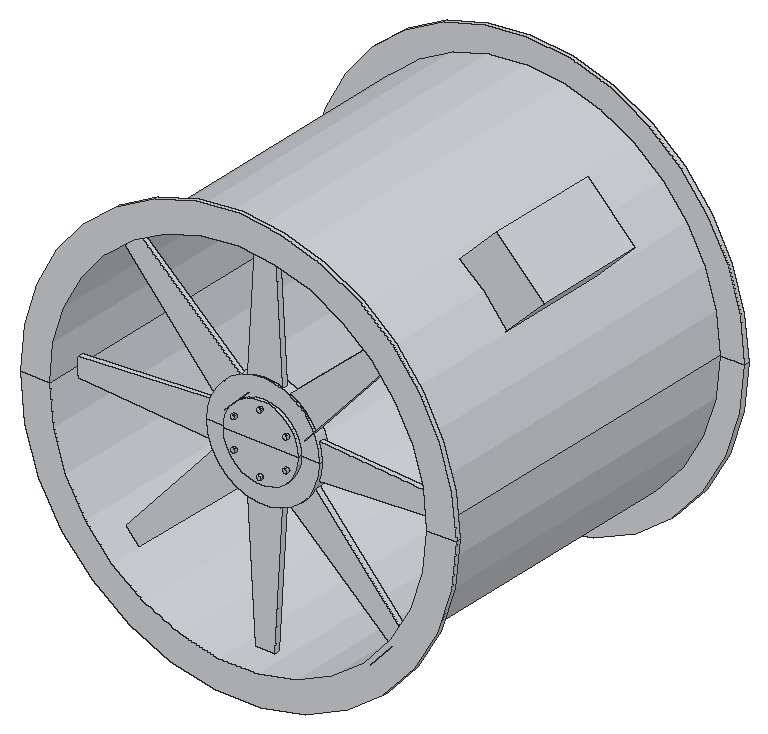
Revit family "CADS_Vent-Axia_MechEquip_Fan_LCA_450_3Ph4P - EXTRACT", category Mechanical Equipment, Revit 2020
Family settings
  Round Connector Dimension = Use Diameter
  Part Type = Normal
  OmniClass Number = 23.75.00.00
  OmniClass Title = Climate Control (HVAC)
  Work Plane-Based = No
  Always vertical = Yes
  Cut with Voids When Loaded = No
  Shared = No
  Room Calculation Point = No
Parameters (values of type "LCA453410")
  nr = NominalDiameter / 2  # 225 mm
  WorkingPressure = 0.0 Pa
  WarrantyStartDate [instance] = "1900-12-31T23:59:59"
  WarrantyPeriod = ""
  WarrantyIdentifier = "N/A"
  WarrantyGuarantorParts = "tech@vent-axia.com"
  WarrantyGuarantorLabor = "tech@vent-axia.com"
  WarrantyGuarantor = "Vent-Axia Limited"
  WarrantyEndDate [instance] = "1900-12-31T23:59:59"
  WarrantyContent = ""
  TemperatureRange = ""
  TagNumber [instance] = "N/A"
  SustainabilityPerformance = ""
  Status = "New"
  Size = ""
  Shape = ""
  ServiceLifeType = ""
  ServiceLifeDuration = ""
  SerialNumber [instance] = "N/A"
  ReplacementCost = ""
  RatedVoltage = 0 V
  RatedCurrent = 0 A
  Quantity = 1
  ProductionYear = ""
  PressureCurve = ""
  PowerFactor = ""
  PointOfContact = ""
  NumberOfPoles = 0
  NominalWidth = 450 mm
  NominalLength = 435 mm
  NominalHeight = 450 mm
  NominalFrequencyRange = ""
  NominalDiameter = 450 mm
  ModelReference = "LCAX 450mm 3PH 4P 10DEG"
  ModelNumber = "LCA453410"
  Material = ""
  ManufacturerE-Mail = "tech@vent-axia.com"
  ManufacturerAddress = "Fleming Way\nCrawley \nRH10 9YX"
  IsExtendedWarranty = no
  InsulationStandardClass = ""
  InstallationDate [instance] = "1900-12-31T23:59:59"
  IfcExportType [instance] = ""
  IfcExportAs = "IfcFanType"
  IP_Code = ""
  HasProtectiveEarth = no
  GrossWeight = 0.00 kg
  Grade = ""
  GlobalTradeItemNumber [instance] = "N/A"
  Fitting Type = "Ignore"
  Finish = ""
  Features = ""
  ExteriorInsulation = no
  ExpectedServiceLife = 0
  Exclusions = ""
  DurationUnit = "Year"
  Default Elevation = 0 mm
  Constituents = ""
  ConductorFunction = ""
  Color = ""
  CodePerformance = ""
  Category = ""
  CADS_Usage = 0
  CADS_Index = 0
  AssetType = "FIXED"
  AssetIdentifier [instance] = "N/A"
  AssemblyPlace = "UNKNOWN"
  ArticleNumber [instance] = "N/A"
  AirflowRateRange = 0.0 L/s
  Air Flow [instance] = 0.0 L/s
  AccessibilityPerformance = ""
Types (16, lengths in mm): name | ModelReference | ModelNumber
  LCA453410 | "LCAX 450mm 3PH 4P 10DEG" | "LCA453410"
  LCA453412 | "LCAX 450mm 3PH 4P 12DEG" | "LCA453412"
  LCA453414 | "LCAX 450mm 3PH 4P 14DEG" | "LCA453414"
  LCA453416 | "LCAX 450mm 3PH 4P 16DEG" | "LCA453416"
  LCA453418 | "LCAX 450mm 3PH 4P 18DEG" | "LCA453418"
  LCA453420 | "LCAX 450mm 3PH 4P 20DEG" | "LCA453420"
  LCA453422 | "LCAX 450mm 3PH 4P 22DEG" | "LCA453422"
  LCA453424 | "LCAX 450mm 3PH 4P 24DEG" | "LCA453424"
  LCA453426 | "LCAX 450mm 3PH 4P 26DEG" | "LCA453426"
  LCA453428 | "LCAX 450mm 3PH 4P 28DEG" | "LCA453428"
  LCA453430 | "LCAX 450mm 3PH 4P 30DEG" | "LCA453430"
  LCA453432 | "LCAX 450mm 3PH 4P 32DEG" | "LCA453432"
  LCA453434 | "LCAX 450mm 3PH 4P 34DEG" | "LCA453434"
  LCA453436 | "LCAX 450mm 3PH 4P 36DEG" | "LCA453436"
  LCA453438 | "LCAX 450mm 3PH 4P 38DEG" | "LCA453438"
  LCA453440 | "LCAX 450mm 3PH 4P 40DEG" | "LCA453440"
Reference planes
  plane 1 "Center (Front/Back)": y = 0
  plane 2: z = 0
  plane 3 "Center (Left/Right)": x = 0
  plane 4: x = -225
  plane 5: x = 225
  plane 6 "F": y = -217.5
  plane 7 "B": y = 217.5
  plane 8: x = -260
  plane 9: y = 212.5
  plane 10: y = -212.5
  plane 11: x = -230
  plane 12: y = -177.5
  plane 13 "top": z = 225
  plane 14: z = -225
  plane 15 "45deg": through (0, -1524, 0) normal (-0.7071, 0, -0.7071)
  plane 16 "C": through (0, -1524, 0) normal (-0.7071, 0, 0.7071)
Forms (mm)
  Revolve 1, solid
    sketch origin (0, 0, 0) x (1, 0, 0) y (0, 1, 0)
      loop
        line (-260, -217.5) -> (-225, -217.5) -> (-225, 217.5) -> (-260, 217.5) -> (-260, 212.5) -> (-230, 212.5) -> (-230, -212.5) -> (-260, -212.5) -> (-260, -217.5)
      axis (0, 217.5) -> (0, -217.5)
    angle from 0 to 360
  Sweep 2, solid
    path origin (0, 0, 0) x (1, 0, 0) y (0, 0, 1)
      loop
        line (159.099, 159.099) -> (205.061, 205.061)
    profile origin (182.08, 0, 182.08) x (-0.707107, 0, 0.707107) y (0, -1, 0)
      loop
        line (37.5, 55) -> (-42.73, 55) -> (-42.73, -79.5) -> (37.5, -79.5) -> (37.5, 55)
Dimensions and locks
  equal spacing: plane 4, plane 3 "Center (Left/Right)", plane 5
  equal spacing: plane 7 "B", plane 1 "Center (Front/Back)", plane 6 "F"
  "NominalLength": plane 7 "B" to plane 6 "F"
  "NominalDiameter": plane 4 to plane 5
  locked: plane 11 to plane 4 at 5
  locked: plane 8 to plane 11 at 30
  locked: plane 6 "F" to plane 10 at 5
  locked: plane 7 "B" to plane 9 at 5
  locked: plane 6 "F" to plane 12 at 40
  equal spacing: plane 13 "top", level, plane 14
  "NominalDiameter": plane 13 "top" to plane 14
  "nr": Sweep 2 sketch curve to nested 13
  Sweep 2 sketch curve to Sweep 2 sketch curve = 65 mm
  aligned and locked: level to plane 2
  aligned and locked: nested 1 to plane 12
Automatic sketch dimensions
  plane 6 "F" to Revolve 1 sketch curve = 0 mm
  Revolve 1 sketch curve to plane 8 = 0 mm  (x2)
  plane 10 to Revolve 1 sketch curve = 0 mm
  Revolve 1 sketch curve to plane 11 = 0 mm
  Revolve 1 sketch curve to plane 4 = 0 mm
  Revolve 1 sketch curve to plane 3 "Center (Left/Right)" = 0 mm
  plane 1 "Center (Front/Back)" to Revolve 1 sketch curve = 0 mm
  Revolve 1 sketch curve to plane 9 = 0 mm
  Revolve 1 sketch curve to plane 7 "B" = 0 mm
  plane 6 "F" to Revolve 1 sketch curve = 115 mm
  plane 1 "Center (Front/Back)" to Sweep 2 sketch curve = 55 mm
  Sweep 2 sketch curve to profile plane = 37.5 mm
  Sweep 2 sketch curve to Sweep 2 sketch curve = 80.23 mm
  Sweep 2 sketch curve to Sweep 2 sketch curve = 134.5 mm
  Sweep 2 sketch curve to plane 16 "C" = 0 mm  (x2)
Nested families
  nested 1: "Fan for ESC" at (0, -177.5, 0), ND <- "NominalDiameter", type "Fan for ESC"
    with hub 45 mm, ND 450 mm, BoltPCD 36 mm, Bolt Count 6, B_Diam 5 mm
  nested 2: "Bolts" at (31.177, -186.672, -18) x (-0.5, 0, -0.866) z (0, 1, 0), type "Bolts"
    with bd 5 mm
  nested 3: "Bolts" at (0, -186.672, -36) x (-1, 0, 0) z (0, 1, 0), type "Bolts"
    with bd 5 mm
  nested 4: "Bolts" at (-31.177, -186.672, -18) x (-0.5, 0, 0.866) z (0, 1, 0), type "Bolts"
    with bd 5 mm
  nested 5: "Bolts" at (-31.177, -186.672, 18) x (0.5, 0, 0.866) z (0, 1, 0), type "Bolts"
    with bd 5 mm
  nested 6: "Bolts" at (31.177, -186.672, 18) x (0.5, 0, -0.866) z (0, 1, 0), type "Bolts"
    with bd 5 mm
  nested 7: "Bolts" at (0, -186.672, 36) x (1, 0, 0) z (0, 1, 0), type "Bolts"
    with bd 5 mm
  nested 8: "ESC Blade" at (0, -177.5, 0), type "ESC Blade"
    with a 20.00°, HR 45 mm, HD 90 mm, BT 22.5 mm, BR 180 mm, BH 40 mm, BD 450 mm, BB 45 mm
  nested 9: "ESC Blade" at (0, -177.5, 0) x (0.7071, 0, -0.7071) z (0.7071, 0, 0.7071), type "ESC Blade"
    with a 20.00°, HR 45 mm, HD 90 mm, BT 22.5 mm, BR 180 mm, BH 40 mm, BD 450 mm, BB 45 mm
  nested 10: "ESC Blade" at (0, -177.5, 0) x (0, 0, -1) z (1, 0, 0), type "ESC Blade"
    with a 20.00°, HR 45 mm, HD 90 mm, BT 22.5 mm, BR 180 mm, BH 40 mm, BD 450 mm, BB 45 mm
  nested 11: "ESC Blade" at (0, -177.5, 0) x (-0.7071, 0, -0.7071) z (0.7071, 0, -0.7071), type "ESC Blade"
    with a 20.00°, HR 45 mm, HD 90 mm, BT 22.5 mm, BR 180 mm, BH 40 mm, BD 450 mm, BB 45 mm
  nested 12: "ESC Blade" at (0, -177.5, 0) x (-1, 0, 0) z (0, 0, -1), type "ESC Blade"
    with a 20.00°, HR 45 mm, HD 90 mm, BT 22.5 mm, BR 180 mm, BH 40 mm, BD 450 mm, BB 45 mm
  nested 13: "ESC Blade" at (0, -177.5, 0) x (-0.7071, 0, -0.7071) z (-0.7071, 0, 0.7071), type "ESC Blade"
    with a 20.00°, HR 45 mm, HD 90 mm, BT 22.5 mm, BR 180 mm, BH 40 mm, BD 450 mm, BB 45 mm
  nested 14: "ESC Blade" at (0, -177.5, 0) x (0, 0, -1) z (-1, 0, 0), type "ESC Blade"
    with a 20.00°, HR 45 mm, HD 90 mm, BT 22.5 mm, BR 180 mm, BH 40 mm, BD 450 mm, BB 45 mm
  nested 15: "ESC Blade" at (0, -177.5, 0) x (0.7071, 0, -0.7071) z (-0.7071, 0, -0.7071), type "ESC Blade"
    with a 20.00°, HR 45 mm, HD 90 mm, BT 22.5 mm, BR 180 mm, BH 40 mm, BD 450 mm, BB 45 mm
Connectors
  hvac at (0, -217.5, 0), driven by "NominalDiameter", driven by "Air Flow"
    settings: on Revolve 1, index 1, duct flow 0.0 L/s, flow factor 0, pres drop 0.0 Pa, loss coef 0, conn angle 0.00°, conn width 304.8 mm, conn height 304.8 mm, conn diameter 450 mm, duct sys type 2, conn prof type 0, flow config 0, flow direction 1, loss method 0, conn ref index -1, conn util no, is conn primary yes, conn desc ""
  hvac at (0, 217.5, 0), driven by "NominalDiameter", driven by "Air Flow"
    settings: on Revolve 1, index 2, duct flow 0.0 L/s, flow factor 0, pres drop 0.0 Pa, loss coef 0, conn angle 0.00°, conn width 304.8 mm, conn height 304.8 mm, conn diameter 450 mm, duct sys type 3, conn prof type 0, flow config 1, flow direction 2, loss method 0, conn ref index -1, conn util no, is conn primary no, conn desc ""
Definition of nested family "Fan for ESC"
  Parameters (values of type "Fan for ESC")
    hub [instance] = ND / 10  # 56.7 mm
    ND [instance] = 567 mm
    Model = "."
    Default Elevation = 0 mm
    BoltPCD [instance] = hub - (hub * 0.2)  # 45.36 mm
    Bolt Count [instance] = if(hub < 50 mm, 6, 8)  # 8
    B_Diam [instance] = if(hub < 50 mm, 5 mm, 10 mm)  # 10 mm
  Reference planes
    plane 1 "Center (Front/Back)": y = 0
    plane 2: z = 0
    plane 3 "Center (Left/Right)": x = 0
    plane 4 "back": y = 20
    plane 5 "bolts": y = -9.172
    plane 6 "B": z = 56.7
    plane 7: x = -79.287
    plane 8: x = -56.7
    plane 9 "hubface": y = -6.172
  Forms (mm)
    Revolve 1, solid
      sketch origin (0, 0, 0) x (1, 0, 0) y (0, 1, 0)
        loop
          line (0, 20) -> (-56.7, 20) -> (-56.7, 10.504) -> (-79.287, 10.504) -> (-79.287, -2.597) -> (-56.7, -2.597) -> (-56.7, -6.172) -> (0, -6.172) -> (0, 20)
        axis (0, 20) -> (0, -6.172)
      angle from 0 to 360
    Extrusion 2, solid, not visible
      sketch origin (0, -6.347, -4) x (-1, 0, 0) y (0, 0, 1)
        loop
          circle (0, 84) r 5
      from 0 to 3
  Lines and regions (mm)
    symbolic lines
      curve 1: circle (0, -9.172, 0) r 45.36 normal (0, 1, 0)
    model lines, not visible
      curve 2: line (0, -6.347, 85) -> (0, -6.347, 75)
  Dimensions and locks
    "hub": plane 6 "B" to plane 2
    "hub": nested 3 to plane 3 "Center (Left/Right)"
    "hub": nested 4 to plane 3 "Center (Left/Right)"
    "hub": nested 5 to plane 3 "Center (Left/Right)"
    "hub": plane 3 "Center (Left/Right)" to nested 6
    "hub": Revolve 1 sketch curve to Revolve 1 sketch curve
    "hub": plane 3 "Center (Left/Right)" to nested 7
    "hub": plane 3 "Center (Left/Right)" to nested 8
    "hub": plane 3 "Center (Left/Right)" to nested 9
    "hub": plane 8 to plane 3 "Center (Left/Right)"
    plane 7 to plane 8 = 22.587 mm
    diameter of Extrusion 2 sketch curve = 10 mm
    "BoltPCD": radius of curve 1
    "BoltPCD": radius of radial array
    aligned and locked: level to plane 2
    aligned and locked: plane 6 "B" to nested 1
  Automatic sketch dimensions
    Revolve 1 sketch curve to plane 7 = 0 mm
    Revolve 1 sketch curve to plane 8 = 0 mm  (x2)
    Revolve 1 sketch curve to plane 3 "Center (Left/Right)" = 0 mm
    Revolve 1 sketch curve to plane 9 "hubface" = 0 mm
    plane 4 "back" to Revolve 1 sketch curve = 0 mm
    plane 1 "Center (Front/Back)" to Revolve 1 sketch curve = 2.597 mm
    plane 4 "back" to Revolve 1 sketch curve = 9.496 mm
    Revolve 1 sketch curve to Revolve 1 sketch curve = 5 mm
    Revolve 1 sketch curve to plane 4 "back" = 45 mm
    curve 1 to level = 0 mm
    curve 1 to plane 3 "Center (Left/Right)" = 0 mm
  Nested families
    nested 1: "ESC Blade" at (0, 0, 0), BD <- "ND", HD <- "hub", type "ESC Blade"
      with a 20.00°, HR 56.7 mm, HD 113.4 mm, BT 28.35 mm, BR 226.8 mm, BH 40 mm, BD 567 mm, BB 56.7 mm
    nested 2: "ESC Blade" at (0, 0, 755), BD <- "ND", HD <- "hub", type "ESC Blade", not visible
      with a 20.00°, HR 56.7 mm, HD 113.4 mm, BT 28.35 mm, BR 226.8 mm, BH 40 mm, BD 567 mm, BB 56.7 mm
    nested 3: "ESC Blade" at (0, 0, 0) x (0.7071, 0, -0.7071) z (0.7071, 0, 0.7071), BD <- "ND", HD <- "hub", type "ESC Blade"
      with a 20.00°, HR 56.7 mm, HD 113.4 mm, BT 28.35 mm, BR 226.8 mm, BH 40 mm, BD 567 mm, BB 56.7 mm
    nested 4: "ESC Blade" at (0, 0, 0) x (0, 0, -1) z (1, 0, 0), BD <- "ND", HD <- "hub", type "ESC Blade"
      with a 20.00°, HR 56.7 mm, HD 113.4 mm, BT 28.35 mm, BR 226.8 mm, BH 40 mm, BD 567 mm, BB 56.7 mm
    nested 5: "ESC Blade" at (0, 0, 0) x (-0.7071, 0, -0.7071) z (0.7071, 0, -0.7071), BD <- "ND", HD <- "hub", type "ESC Blade"
      with a 20.00°, HR 56.7 mm, HD 113.4 mm, BT 28.35 mm, BR 226.8 mm, BH 40 mm, BD 567 mm, BB 56.7 mm
    nested 6: "ESC Blade" at (0, 0, 0) x (-1, 0, 0) z (0, 0, -1), BD <- "ND", HD <- "hub", type "ESC Blade"
      with a 20.00°, HR 56.7 mm, HD 113.4 mm, BT 28.35 mm, BR 226.8 mm, BH 40 mm, BD 567 mm, BB 56.7 mm
    nested 7: "ESC Blade" at (0, 0, 0) x (-0.7071, 0, -0.7071) z (-0.7071, 0, 0.7071), BD <- "ND", HD <- "hub", type "ESC Blade"
      with a 20.00°, HR 56.7 mm, HD 113.4 mm, BT 28.35 mm, BR 226.8 mm, BH 40 mm, BD 567 mm, BB 56.7 mm
    nested 8: "ESC Blade" at (0, 0, 0) x (0, 0, -1) z (-1, 0, 0), BD <- "ND", HD <- "hub", type "ESC Blade"
      with a 20.00°, HR 56.7 mm, HD 113.4 mm, BT 28.35 mm, BR 226.8 mm, BH 40 mm, BD 567 mm, BB 56.7 mm
    nested 9: "ESC Blade" at (0, 0, 0) x (0.7071, 0, -0.7071) z (-0.7071, 0, -0.7071), BD <- "ND", HD <- "hub", type "ESC Blade"
      with a 20.00°, HR 56.7 mm, HD 113.4 mm, BT 28.35 mm, BR 226.8 mm, BH 40 mm, BD 567 mm, BB 56.7 mm
    nested 10: "Bolts" at (0, -9.172, 45.36) x (1, 0, 0) z (0, 1, 0), bd <- "B_Diam", type "Bolts"
      with bd 10 mm
    nested 11: "Bolts" at (32.074, -9.172, 32.074) x (0.7071, 0, -0.7071) z (0, 1, 0), bd <- "B_Diam", type "Bolts"
      with bd 10 mm
    nested 12: "Bolts" at (-32.074, -9.172, 32.074) x (0.7071, 0, 0.7071) z (0, 1, 0), bd <- "B_Diam", type "Bolts"
      with bd 10 mm
    nested 13: "Bolts" at (-45.36, -9.172, 0) x (0, 0, 1) z (0, 1, 0), bd <- "B_Diam", type "Bolts"
      with bd 10 mm
    nested 14: "Bolts" at (-32.074, -9.172, -32.074) x (-0.7071, 0, 0.7071) z (0, 1, 0), bd <- "B_Diam", type "Bolts"
      with bd 10 mm
    nested 15: "Bolts" at (0, -9.172, -45.36) x (-1, 0, 0) z (0, 1, 0), bd <- "B_Diam", type "Bolts"
      with bd 10 mm
    nested 16: "Bolts" at (32.074, -9.172, -32.074) x (-0.7071, 0, -0.7071) z (0, 1, 0), bd <- "B_Diam", type "Bolts"
      with bd 10 mm
    nested 17: "Bolts" at (45.36, -9.172, 0) x (0, 0, -1) z (0, 1, 0), bd <- "B_Diam", type "Bolts"
      with bd 10 mm
  Definition of nested family "ESC Blade"
    Parameters (values of type "ESC Blade")
      a [instance] = 20.00°
      HR [instance] = HD / 2  # 30 mm
      HD [instance] = BD / 5  # 60 mm
      Default Elevation = 1219.2 mm
      BT [instance] = BD / 20  # 15 mm
      BR [instance] = (BD / 2) - HR  # 120 mm
      BH [instance] = 40 mm
      BD [instance] = 300 mm
      BB [instance] = BD / 10  # 30 mm
    Reference planes
      plane 1 "Center (Front/Back)": y = 0
      plane 2: z = 0
      plane 3 "Center (Left/Right)": x = 0
      plane 4 "Blade Bot": z = 30
      plane 5: x = -15
      plane 6: x = 15
      plane 7: x = -7.5
      plane 8: x = 7.5
    Forms (mm)
      Blend 1, solid
        base sketch origin (0, 0, 30) x (-1, 0, 0) y (0, -1, 0)
          loop
            line (15, 0) -> (-15, 0) -> (-15, -6) -> (15, -6) -> (15, 0)
        top sketch origin (0, 0, 30) x (-1, 0, 0) y (0, -1, 0)
          loop
            line (7.5, -6) -> (7.5, 0) -> (-7.5, 0) -> (-7.5, -6) -> (7.5, -6)
        from 0 to 120 <- "BR"
    Dimensions and locks
      "HR": plane 4 "Blade Bot" to level
      equal spacing: plane 8, plane 3 "Center (Left/Right)", plane 7
      "BT": plane 8 to plane 7
      equal spacing: plane 6, plane 3 "Center (Left/Right)", plane 5
      "BB": plane 6 to plane 5
      aligned and locked: level to plane 2
    Automatic sketch dimensions
      plane 1 "Center (Front/Back)" to Blend 1 sketch curve = 0 mm  (x2)
      Blend 1 sketch curve to plane 6 = 0 mm
      Blend 1 sketch curve to plane 5 = 0 mm
      Blend 1 sketch curve to plane 1 "Center (Front/Back)" = 6 mm  (x2)
      Blend 1 sketch curve to plane 8 = 0 mm
      Blend 1 sketch curve to plane 7 = 0 mm
  Definition of nested family "Bolts"
    Parameters
      bd [instance] = 10 mm
      Default Elevation = 1219.2 mm
    Reference planes
      plane 1 "Center (Front/Back)": y = 0
      plane 2: z = 0
      plane 3 "Center (Left/Right)": x = 0
    Forms (mm)
      Extrusion 1, solid
        sketch origin (0, 0, 0) x (1, 0, 0) y (0, 1, 0)
          loop
            line (-1219.2, 1219.2) -> (-1219.2, -1219.2) -> (1219.2, -1219.2) -> (1219.2, 1219.2) -> (-1219.2, 1219.2)
        from 0 to -304.8
      Extrusion 2, solid
        sketch origin (0, 0, 0) x (1, 0, 0) y (0, 1, 0)
          loop
            circle (0, 0) r 5
        from 0 to 3
    Dimensions and locks
      "bd": diameter of Extrusion 2 sketch curve
      aligned and locked: plane 2 to Extrusion 1
      aligned and locked: level to Extrusion 1
    Automatic sketch dimensions
      Extrusion 1 sketch curve to Extrusion 1 sketch curve = 2438.4 mm  (x2)
      plane 1 "Center (Front/Back)" to Extrusion 2 sketch curve = 0 mm
      Extrusion 2 sketch curve to plane 3 "Center (Left/Right)" = 0 mm
Definition of nested family "Bolts"
  Parameters
    bd [instance] = 10 mm
    Default Elevation = 1219.2 mm
  Reference planes
    plane 1 "Center (Front/Back)": y = 0
    plane 2: z = 0
    plane 3 "Center (Left/Right)": x = 0
  Forms (mm)
    Extrusion 1, solid
      sketch origin (0, 0, 0) x (1, 0, 0) y (0, 1, 0)
        loop
          line (-1219.2, 1219.2) -> (-1219.2, -1219.2) -> (1219.2, -1219.2) -> (1219.2, 1219.2) -> (-1219.2, 1219.2)
      from 0 to -304.8
    Extrusion 2, solid
      sketch origin (0, 0, 0) x (1, 0, 0) y (0, 1, 0)
        loop
          circle (0, 0) r 5
      from 0 to 3
  Dimensions and locks
    "bd": diameter of Extrusion 2 sketch curve
    aligned and locked: plane 2 to Extrusion 1
    aligned and locked: level to Extrusion 1
  Automatic sketch dimensions
    Extrusion 1 sketch curve to Extrusion 1 sketch curve = 2438.4 mm  (x2)
    plane 1 "Center (Front/Back)" to Extrusion 2 sketch curve = 0 mm
    Extrusion 2 sketch curve to plane 3 "Center (Left/Right)" = 0 mm
Definition of nested family "ESC Blade"
  Parameters (values of type "ESC Blade")
    a [instance] = 20.00°
    HR [instance] = HD / 2  # 30 mm
    HD [instance] = BD / 5  # 60 mm
    Default Elevation = 1219.2 mm
    BT [instance] = BD / 20  # 15 mm
    BR [instance] = (BD / 2) - HR  # 120 mm
    BH [instance] = 40 mm
    BD [instance] = 300 mm
    BB [instance] = BD / 10  # 30 mm
  Reference planes
    plane 1 "Center (Front/Back)": y = 0
    plane 2: z = 0
    plane 3 "Center (Left/Right)": x = 0
    plane 4 "Blade Bot": z = 30
    plane 5: x = -15
    plane 6: x = 15
    plane 7: x = -7.5
    plane 8: x = 7.5
  Forms (mm)
    Blend 1, solid
      base sketch origin (0, 0, 30) x (-1, 0, 0) y (0, -1, 0)
        loop
          line (15, 0) -> (-15, 0) -> (-15, -6) -> (15, -6) -> (15, 0)
      top sketch origin (0, 0, 30) x (-1, 0, 0) y (0, -1, 0)
        loop
          line (7.5, -6) -> (7.5, 0) -> (-7.5, 0) -> (-7.5, -6) -> (7.5, -6)
      from 0 to 120 <- "BR"
  Dimensions and locks
    "HR": plane 4 "Blade Bot" to level
    equal spacing: plane 8, plane 3 "Center (Left/Right)", plane 7
    "BT": plane 8 to plane 7
    equal spacing: plane 6, plane 3 "Center (Left/Right)", plane 5
    "BB": plane 6 to plane 5
    aligned and locked: level to plane 2
  Automatic sketch dimensions
    plane 1 "Center (Front/Back)" to Blend 1 sketch curve = 0 mm  (x2)
    Blend 1 sketch curve to plane 6 = 0 mm
    Blend 1 sketch curve to plane 5 = 0 mm
    Blend 1 sketch curve to plane 1 "Center (Front/Back)" = 6 mm  (x2)
    Blend 1 sketch curve to plane 8 = 0 mm
    Blend 1 sketch curve to plane 7 = 0 mm
